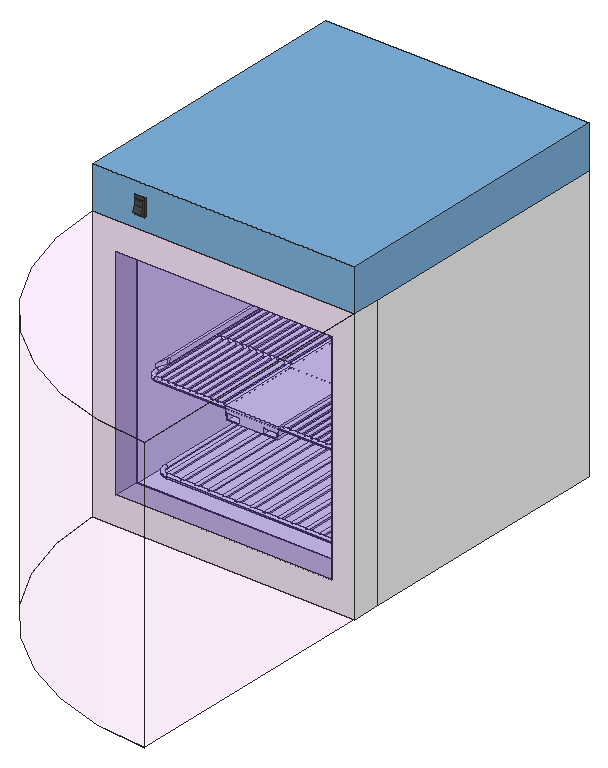
Revit family "QF_Summit_ACR22G_19_Wide_Healthcare_Regrigerator", category Specialty Equipment, Revit 2020
Family settings
  Round Connector Dimension = Use Diameter
  Part Type = Normal
  Work Plane-Based = No
  Always vertical = Yes
  Cut with Voids When Loaded = No
  Shared = No
  Room Calculation Point = No
Parameters
  Weight in Pounds = 52.9
  Watts = Volts * FL Amps  # 103.5 W
  Volts = 115 V
  URL Cutsheet = ""
  Specification by User = ""
  Specification by Manufacturer = ""
  Show Right Handed [instance] = not(Show Left Handed)  # yes
  Show Left Handed [instance] = no
  Show Clearance [instance] = yes
  Serial Number = ""
  Seismic Rating = ""
  SMACNA No = ""
  Right Door Swing [instance] = and(Show Left Handed, Show Clearance)  # no
  Revision Code = ""
  Refrigerant Type = "R600a"
  Phase = 1
  Number of Poles = 1
  NAFEM Spec ID Number = ""
  Model = "ACR22G"
  Min Ckt Ampacity = 0 A
  Max Overcurrent Protection = 0 A
  Masterspec = ""
  Manufacturer = "Summit"
  Length = 18.88"
  Left Door Swing [instance] = and(Show Right Handed, Show Clearance)  # yes
  Item Number = ""
  Installed By = ""
  Identify Quantity as Lot = yes
  Height = 23.13"
  HP = ""
  Furnished By = ""
  Foodservice Equipment Identifier = yes
  FL Amps = 0.9 A
  Electrical Remarks = ""
  Electric Connection Type = ""
  Elec Conn RI Height = 0.00"
  Elec Conn Connection Height = 0.00"
  Description = "19\" Wide Compact Healthcare Refrigerator"
  Depth = 21.00"
  Default Elevation = 0.00"
  Cycle = 60 Hz
  Conn Plug = ""
  Conn Conduit = yes
  CSI MasterFormat = ""
  Apparent Power = if(Phase = 3, Volts * FL Amps * 1.73, Volts * FL Amps)  # 103.5 VA
Reference planes (in)
  plane 1 "BACK": y = 0
  plane 2: z = 0
  plane 3 "LEFT": x = 0
  plane 4 "RIGHT": x = 18.88
  plane 5 "FRONT": y = -21
  plane 6 "TOP": z = 23.13
  plane 7 "Center Y": x = 9.44
  plane 8 "Center X": y = -10.5
Forms (in)
  Extrusion 1, solid, material "QF_Metal_Stainless_Polished"
    sketch origin (0, 0, 0) x (0, 1, 0) y (0, 0, 1)
      loop
        line (-18.9989, 20.07) -> (-18.9989, 0.39062) -> (0, 0.39062) -> (0, 20.07) -> (-18.9989, 20.07)
    from 0 to 18.88
  Extrusion 2, void
    sketch origin (2.375, -180, 25.7421) x (0, 0, -1) y (0, -1, 0)
      loop
        line (7.2421, -161.0011) -> (7.2421, -175.5011) -> (16.9921, -175.5011) -> (16.9921, -175.25)
        arc (16.9921, -175.25) -> (17.21177, -174.71967) -> (17.7421, -174.5) r 0.75
        line (17.7421, -174.5) -> (23.4921, -174.5) -> (23.4921, -161.0011) -> (7.2421, -161.0011)
    from 0.685 to -14.815
  Extrusion 3, solid, material "QF_Metal_Stainless_Polished"
    sketch origin (0, 0, 0) x (0, 1, 0) y (0, 0, 1)
      loop
        line (-21, 23.13) -> (-21, 20.07) -> (0, 20.07) -> (0, 23.13) -> (-21, 23.13)
    from 0 to 18.88
  Extrusion 4, solid, material "QF_Metal_Stainless_Polished"
    sketch origin (2.375, -4.4989, 18.63) x (0, 0, -1) y (1, 0, 0)
      loop
        line (9.63059, -0.685) -> (9.63059, 14.815) -> (0.63, 14.815)
        arc (0.63, 14.815) -> (0.27645, 14.66855) -> (0.13, 14.315) r 0.5
        line (0.13, 14.315) -> (0.13, -0.185)
        arc (0.13, -0.185) -> (0.27645, -0.53855) -> (0.63, -0.685) r 0.5
        line (0.63, -0.685) -> (9.63059, -0.685)
    from 0 to 0.60773
  Extrusion 5, void
    sketch origin (1.00661, -5.10663, 18.63) x (0, 0, 1) y (1, 0, 0)
      loop
        circle (-2.19026, 8.43339) r 1.75
      loop
        circle (-2.19026, 8.43339) r 1.56141
      loop
        circle (-2.19026, 8.43339) r 1.21417
      loop
        circle (-2.19026, 8.43339) r 0.85432
      loop
        circle (-2.19026, 8.43339) r 0.5
      loop
        circle (-2.19026, 8.43339) r 1.5
      loop
        circle (-2.19026, 8.43339) r 1.15556
      loop
        circle (-2.19026, 8.43339) r 0.79607
      loop
        circle (-2.19026, 8.43339) r 0.44803
    from 0 to 0.06031
  Extrusion 6, solid, material "QF_Metal_Stainless_Polished"
    sketch origin (1.03119, -5.10663, 18.505) x (0, 0, -1) y (1, 0, 0)
      loop
        circle (3.72678, 6.31082) r 0.25
      loop
        circle (3.72678, 10.55595) r 0.25
      loop
        circle (0.43308, 6.31082) r 0.25
      loop
        circle (0.43308, 10.55595) r 0.25
    from 0 to 0.05935
  Sweep 7, solid, material "QF_Metal_Stainless_Polished"
    path origin (23.5, 0, -1.31888) x (-1, 0, 0) y (0, 0, 1)
      loop
        line (11.93744, 19.42317) -> (13.8817, 17.89947)
        arc (13.8817, 17.89947) -> (13.94972, 17.75974) -> (13.8817, 17.62001) r 0.17753
        line (13.8817, 17.62001) -> (11.93744, 16.0963)
    profile origin (10.59043, 0, 17.34244) x (0.616836, 0, -0.787091) y (0, -1, 0)
      loop
        circle (0, 5.20118) r 0.03478
  Revolve 8, solid, material "QF_Metal_Stainless_Polished"
    sketch origin (11.56006, -174.60663, 25.4038) x (0, 0, -1) y (0, -1, 0)
      loop
        line (10.62, -169.44065) -> (10.62, -169.35519)
        arc (10.62, -169.35519) -> (10.55563, -169.38019) -> (10.52226, -169.44065) r 0.10124
        line (10.52226, -169.44065) -> (10.62, -169.44065)
      axis (10.62, -169.35519) -> (10.62, -169.44065)
    angle from 0 to 360
  Revolve 9, solid, material "QF_Metal_Stainless_Polished"
    sketch origin (7.31494, -174.60663, 25.4038) x (0, 0, -1) y (0, 1, 0)
      loop
        line (10.62, 169.44065) -> (10.52226, 169.44065)
        arc (10.52226, 169.44065) -> (10.55563, 169.38019) -> (10.62, 169.35519) r 0.10124
        line (10.62, 169.35519) -> (10.62, 169.44065)
      axis (10.62, 169.35519) -> (10.62, 169.44065)
    angle from 0 to 360
  Extrusion 10, solid, material "QF_Metal_Stainless_Polished"
    sketch origin (-1.75, -21, -0.5) x (1, 0, 0) y (0, 0, 1)
      loop
        line (4.83942, 22.77799) -> (4.83942, 21.52799) -> (5.58942, 21.52799) -> (5.58942, 22.77799) -> (4.83942, 22.77799)
    from 0 to 0.06284
  Extrusion 11, solid, material "QF_Metal_Stainless_Polished"
    sketch origin (3.46442, -180, 33.14799) x (0, 0, -1) y (0, -1, 0)
      loop
        line (11.495, -158.93716) -> (11.89901, -158.93716) -> (11.89901, -158.67814) -> (11.495, -158.86654) -> (11.09362, -158.86654) -> (11.09362, -158.93716) -> (11.495, -158.93716)
    from -0.28042 to 0.28363
  Extrusion 12, solid, material "QF_Metal_Stainless_Polished"
    sketch origin (-0.875, 0, 22.07) x (0, 0, -1) y (-1, 0, 0)
      loop
        circle (14.04703, -17.5214) r 0.25
    from 0 to 0.04728
  Revolve 13, solid, material "QF_Plastic_White_Smooth"
    sketch origin (1.625, -180, 0) x (0, 0, -1) y (0, 1, 0)
      loop
        line (-0.39062, 162.39991) -> (0, 162.39991) -> (0, 162.57412)
        arc (0, 162.57412) -> (-0.0325, 162.65258) -> (-0.11096, 162.68508) r 0.11096
        line (-0.11096, 162.68508) -> (-0.17969, 162.68508) -> (-0.17969, 162.72022) -> (-0.39062, 162.72022) -> (-0.39062, 162.39991)
      axis (-0.39062, 162.39991) -> (0, 162.39991)
    angle from 0 to 360
  Revolve 14, solid, material "QF_Plastic_White_Smooth"
    sketch origin (1.625, 160.375, 0) x (0, 0, -1) y (0, 1, 0)
      loop
        line (-0.39062, -161.64991) -> (-0.39062, -161.97022) -> (-0.17969, -161.97022) -> (-0.17969, -161.93508) -> (-0.11096, -161.93508)
        arc (-0.11096, -161.93508) -> (-0.0325, -161.90258) -> (0, -161.82412) r 0.11096
        line (0, -161.82412) -> (0, -161.64991) -> (-0.39062, -161.64991)
      axis (-0.39062, -161.64991) -> (0, -161.64991)
    angle from 0 to 360
  Extrusion 15, solid, material "QF_Metal_Stainless_Polished"
    sketch origin (-0.685, -180, 8.75) x (-1, 0, 0) y (0, -1, 0)
      loop
        line (-2.375, -174.6261) -> (-2.375, -162.5011) -> (-2.60425, -163.35669)
        arc (-2.60425, -163.35669) -> (-2.62474, -163.4597) -> (-2.63161, -163.5645) r 0.80295
        line (-2.63161, -163.5645) -> (-2.63161, -173.49184)
        arc (-2.63161, -173.49184) -> (-2.62014, -173.66689) -> (-2.58592, -173.83894) r 1.34109
        line (-2.58592, -173.83894) -> (-2.375, -174.6261)
    from 0 to -0.3125
  Revolve 16, solid, material "QF_Plastic_White_Smooth"
    sketch origin (17.255, -180, 0) x (0, 0, -1) y (0, -1, 0)
      loop
        line (-0.39062, -162.39991) -> (-0.39062, -162.72022) -> (-0.17969, -162.72022) -> (-0.17969, -162.68508) -> (-0.11096, -162.68508)
        arc (-0.11096, -162.68508) -> (-0.0325, -162.65258) -> (0, -162.57412) r 0.11096
        line (0, -162.57412) -> (0, -162.39991) -> (-0.39062, -162.39991)
      axis (-0.39062, -162.39991) -> (0, -162.39991)
    angle from 0 to 360
  Revolve 17, solid, material "QF_Plastic_White_Smooth"
    sketch origin (17.255, 160.375, 0) x (0, 0, -1) y (0, -1, 0)
      loop
        line (-0.39062, 161.64991) -> (0, 161.64991) -> (0, 161.82412)
        arc (0, 161.82412) -> (-0.0325, 161.90258) -> (-0.11096, 161.93508) r 0.11096
        line (-0.11096, 161.93508) -> (-0.17969, 161.93508) -> (-0.17969, 161.97022) -> (-0.39062, 161.97022) -> (-0.39062, 161.64991)
      axis (-0.39062, 161.64991) -> (0, 161.64991)
    angle from 0 to 360
  Sweep 18, solid, material "QF_Metal_Stainless_Polished"
    path origin (-4.62, 0, -1.31888) x (1, 0, 0) y (0, 0, 1)
      loop
        line (11.93744, 19.42317) -> (13.8817, 17.89947)
        arc (13.8817, 17.89947) -> (13.94972, 17.75974) -> (13.8817, 17.62001) r 0.17753
        line (13.8817, 17.62001) -> (11.93744, 16.0963)
    profile origin (8.28957, 0, 17.34244) x (0.616836, 0, 0.787091) y (0, -1, 0)
      loop
        circle (0, 5.20065) r 0.03478
  Extrusion 19, solid, material "QF_Metal_Stainless_Polished"
    sketch origin (-0.685, -180, 8.99941) x (0, 1, 0) y (1, 0, 0)
      loop
        line (174.6261, 2.375) -> (173.83894, 2.58592)
        arc (173.83894, 2.58592) -> (173.66689, 2.62014) -> (173.49184, 2.63161) r 1.34109
        line (173.49184, 2.63161) -> (163.5645, 2.63161)
        arc (163.5645, 2.63161) -> (163.4597, 2.62474) -> (163.35669, 2.60425) r 0.80295
        line (163.35669, 2.60425) -> (162.5011, 2.375) -> (174.6261, 2.375)
    from 0 to -0.3125
  Revolve 20, solid, material "QF_Metal_Stainless_Polished"
    sketch origin (11.56006, -174.60663, 7.47567) x (0, 0, 1) y (0, 1, 0)
      loop
        line (10.62, 169.44065) -> (10.52226, 169.44065)
        arc (10.52226, 169.44065) -> (10.55563, 169.38019) -> (10.62, 169.35519) r 0.10124
        line (10.62, 169.35519) -> (10.62, 169.44065)
      axis (10.62, 169.35519) -> (10.62, 169.44065)
    angle from 0 to 360
  Revolve 21, solid, material "QF_Metal_Stainless_Polished"
    sketch origin (7.31494, -174.60663, 7.47567) x (0, 0, 1) y (0, -1, 0)
      loop
        line (10.62, -169.44065) -> (10.62, -169.35519)
        arc (10.62, -169.35519) -> (10.55563, -169.38019) -> (10.52226, -169.44065) r 0.10124
        line (10.52226, -169.44065) -> (10.62, -169.44065)
      axis (10.62, -169.35519) -> (10.62, -169.44065)
    angle from 0 to 360
  Extrusion 22, solid, material "QF_Metal_Stainless_Polished"
    sketch origin (19.565, -180, 8.75) x (1, 0, 0) y (0, 1, 0)
      loop
        line (-2.375, 174.6261) -> (-2.58592, 173.83894)
        arc (-2.58592, 173.83894) -> (-2.62014, 173.66689) -> (-2.63161, 173.49184) r 1.34109
        line (-2.63161, 173.49184) -> (-2.63161, 163.5645)
        arc (-2.63161, 163.5645) -> (-2.62474, 163.4597) -> (-2.60425, 163.35669) r 0.80295
        line (-2.60425, 163.35669) -> (-2.375, 162.5011) -> (-2.375, 174.6261)
    from 0 to -0.3125
  Extrusion 23, solid, material "QF_Metal_Stainless_Polished"
    sketch origin (19.565, -180, 8.99941) x (0, -1, 0) y (-1, 0, 0)
      loop
        line (-174.6261, 2.375) -> (-162.5011, 2.375) -> (-163.35669, 2.60425)
        arc (-163.35669, 2.60425) -> (-163.4597, 2.62474) -> (-163.5645, 2.63161) r 0.80295
        line (-163.5645, 2.63161) -> (-173.49184, 2.63161)
        arc (-173.49184, 2.63161) -> (-173.66689, 2.62014) -> (-173.83894, 2.58592) r 1.34109
        line (-173.83894, 2.58592) -> (-174.6261, 2.375)
    from 0 to -0.3125
  Extrusion 24, void
    sketch origin (2.375, -5.10663, 18.63) x (0, 0, 1) y (1, 0, 0)
      loop
        circle (-5.63, 0.625) r 0.25
      loop
        circle (-5.63, 1.875) r 0.25
      loop
        circle (-5.63, 3.125) r 0.25
      loop
        circle (-5.63, 4.375) r 0.25
      loop
        circle (-5.63, 13.505) r 0.25
      loop
        circle (-5.63, 12.255) r 0.25
      loop
        circle (-5.63, 11.005) r 0.25
      loop
        circle (-5.63, 9.755) r 0.25
    from 0 to 0.06031
  Extrusion 25, solid, material "QF_Metal_Stainless_Polished"
    sketch origin (1.69, -180, 25.7421) x (0, 0, 1) y (0, -1, 0)
      loop
        line (-16.74269, -175.5011) -> (-16.74269, -173.89646) -> (-16.9921, -173.89646) -> (-16.9921, -175.5011) -> (-16.74269, -175.5011)
    from 0 to 15.5
Cuts and joins
  Extrusion 2, Extrusion 5, Extrusion 24 cuts Extrusion 1
  Extrusion 24 cuts Extrusion 15
  joined: Extrusion 1, Extrusion 15
  Extrusion 5, Extrusion 24 cuts Extrusion 4
  joined: Extrusion 6, Sweep 7, Revolve 8, Revolve 9
Lines and regions (in)
  Split face 1
    outline origin (2.31, -21, 20.57) x (0, 0, 1) y (-1, 0, 0)
      loop
        circle (0.9766, -7.13) r 0.5
  Split face 2
    outline origin (2.31, -21, 20.57) x (0, 0, 1) y (-1, 0, 0)
      loop
        circle (0.9766, -7.13) r 0.25
  Split face 3
    outline origin (0, -21, 20.07) x (0, 0, 1) y (-1, 0, 0)
      loop
        line (2.10399, -11.23542) -> (0.85399, -11.23542) -> (0.85399, -14.48542) -> (2.10399, -14.48542) -> (2.10399, -11.23542)
  Split face 4
    outline origin (0, -21, 20.07) x (0, 0, 1) y (-1, 0, 0)
      loop
        line (2.60301, -14.95537) -> (0.35301, -14.95537) -> (0.35301, -18.45537) -> (2.60301, -18.45537) -> (2.60301, -14.95537)
  Split face 5
    outline origin (0, -21, 20.07) x (0, 0, 1) y (-1, 0, 0)
      loop
        line (2.33838, -15.41838) -> (0.58838, -15.41838) -> (0.58838, -18.01344) -> (2.33838, -18.01344) -> (2.33838, -15.41838)
  symbolic lines
    curve 1: line (0, 0, 0) -> (0, -21, 0)
    curve 2: line (0, -21, 0) -> (18.88, -21, 0)
    curve 3: line (18.88, -21, 0) -> (18.88, 0, 0)
    curve 4: line (18.88, 0, 0) -> (0, 0, 0)
    curve 5: line (16.8964, 0.04728, 0) -> (16.8964, 0, 0)
    curve 6: line (16.8964, 0.04728, 0) -> (16.3964, 0.04728, 0)
    curve 7: line (16.3964, 0.04728, 0) -> (16.3964, 0, 0)
    curve 8: line (3.08942, -21.06284, 0) -> (3.83942, -21.06284, 0)
    curve 9: line (3.83942, -21.06284, 0) -> (3.83942, -21, 0)
    curve 10: line (3.08942, -21.06284, 0) -> (3.08942, -21, 0)
    curve 11: line (3.18079, -21.32186, 0) -> (3.74483, -21.32186, 0)
    curve 12: line (3.74483, -21.32186, 0) -> (3.74483, -21.06284, 0)
    curve 13: line (3.18079, -21.32186, 0) -> (3.18079, -21.06284, 0)
    curve 14: line (3.18079, -21.13346, 0) -> (3.74483, -21.13346, 0)
Dimensions and locks (in)
  equal spacing: plane 3 "LEFT", plane 7 "Center Y", plane 4 "RIGHT"
  "Length": plane 3 "LEFT" to plane 4 "RIGHT"
  equal spacing: plane 5 "FRONT", plane 8 "Center X", plane 1 "BACK"
  "Depth": plane 5 "FRONT" to plane 1 "BACK"
  "Height": plane 6 "TOP" to level
  aligned and locked: level to plane 2
Automatic sketch dimensions
  curve 1 to plane 3 "LEFT" = 0.00"
  plane 5 "FRONT" to curve 10 = 0.00"
  plane 1 "BACK" to curve 7 = 0.00"
  curve 3 to plane 4 "RIGHT" = 0.00"
  plane 5 "FRONT" to curve 8 = 0.06284"
  curve 8 to plane 7 "Center Y" = 6.35058"
  curve 8 to curve 13 = 0.09137"
  curve 11 to curve 12 = 0.56404"
  curve 12 to curve 8 = 0.09458"
  curve 6 to plane 1 "BACK" = 0.04728"
  plane 4 "RIGHT" to curve 6 = 2.4836"
  curve 6 to curve 6 = 0.50"
  curve 12 to curve 12 = 0.25902"
  curve 14 to curve 12 = 0.07062"
  Extrusion 1 sketch curve to plane 1 "BACK" = 0.00"
  Extrusion 1 sketch curve to plane 5 "FRONT" = 2.0011"
  level to Extrusion 1 sketch curve = 0.39062"
  Extrusion 1 sketch curve to plane 6 "TOP" = 3.06"
  Extrusion 2 sketch curve to plane 6 "TOP" = 4.63"
  level to Extrusion 2 sketch curve = 8.75"
  Extrusion 2 sketch curve to Extrusion 2 sketch curve = 0.75"
  level to Extrusion 2 sketch curve = 2.25"
  plane 1 "BACK" to Extrusion 2 sketch curve = 4.4989"
  Extrusion 2 sketch curve to Extrusion 2 sketch curve = 0.2511"
  Extrusion 2 sketch curve to plane 5 "FRONT" = 2.0011"
  Extrusion 3 sketch curve to plane 5 "FRONT" = 0.00"
  Extrusion 3 sketch curve to plane 1 "BACK" = 0.00"
  Extrusion 3 sketch curve to plane 6 "TOP" = 0.00"
  Extrusion 3 sketch curve to plane 6 "TOP" = 3.06"
  Extrusion 4 sketch curve to Extrusion 2 = 0.00"  (x2)
  Extrusion 2 to Extrusion 4 sketch curve = 0.00"
  Extrusion 2 to Extrusion 4 sketch curve = 0.50"  (x2)
  Extrusion 4 sketch curve to Extrusion 2 = 0.24941"
  Extrusion 5 sketch curve to Extrusion 5 sketch curve = 0.00"  (x72)
  Extrusion 4 to Extrusion 5 sketch curve = 2.06026"
  Extrusion 4 to Extrusion 5 sketch curve = 7.75"
  Extrusion 6 sketch curve to Extrusion 4 = 0.42808"  (x2)
  Extrusion 6 sketch curve to Extrusion 6 sketch curve = 3.2937"  (x2)
  Extrusion 6 sketch curve to Extrusion 4 = 5.65201"
  Extrusion 6 sketch curve to Extrusion 6 sketch curve = 0.00"  (x2)
  Extrusion 6 sketch curve to Extrusion 6 sketch curve = 4.24513"
  Sweep 7 sketch curve to plane 7 "Center Y" = 0.28781"
  Sweep 7 sketch curve to Sweep 7 sketch curve = 0.10951"  (x2)
  plane 6 "TOP" to Sweep 7 sketch curve = 6.82887"
  Sweep 7 sketch curve to Sweep 7 sketch curve = 0.13973"
  Sweep 7 sketch curve to plane 7 "Center Y" = 2.12256"  (x2)
  Sweep 7 sketch curve to Sweep 7 sketch curve = 1.5237"  (x2)
  Sweep 7 sketch curve to profile plane = 0.00"
  plane 1 "BACK" to Sweep 7 sketch curve = 5.20118"
  Revolve 8 sketch curve to plane 6 "TOP" = 8.24845"
  Revolve 8 sketch curve to Revolve 8 sketch curve = 0.09774"
  Revolve 8 sketch curve to Revolve 8 sketch curve = 0.00227"
  plane 1 "BACK" to Revolve 8 sketch curve = 5.15022"
  Revolve 8 sketch curve to Revolve 8 sketch curve = 0.01576"
  Revolve 8 sketch curve to Revolve 8 sketch curve = 0.00"
  Revolve 8 sketch curve to Revolve 8 sketch curve = 0.02745"
  Revolve 8 sketch curve to Revolve 8 sketch curve = 0.02171"
  Revolve 9 sketch curve to plane 6 "TOP" = 8.24845"
  Revolve 9 sketch curve to Revolve 9 sketch curve = 0.09774"
  Revolve 9 sketch curve to Revolve 9 sketch curve = 0.00227"
  plane 8 "Center X" to Revolve 9 sketch curve = 5.24856"
  Revolve 9 sketch curve to Revolve 9 sketch curve = 0.08546"
  Revolve 9 sketch curve to Revolve 9 sketch curve = 0.00"
  Revolve 9 sketch curve to Revolve 9 sketch curve = 0.02171"
  Revolve 9 sketch curve to Revolve 9 sketch curve = 0.02745"
  Split face 1 sketch curve to Extrusion 3 = 1.4766"
  Split face 1 sketch curve to Extrusion 3 = 9.44"
  plane 3 "LEFT" to Extrusion 10 sketch curve = 3.08942"
  Extrusion 10 sketch curve to Extrusion 10 sketch curve = 0.75"
  Extrusion 10 sketch curve to plane 6 "TOP" = 2.10201"
  Extrusion 10 sketch curve to plane 6 "TOP" = 0.85201"
  plane 5 "FRONT" to Extrusion 11 sketch curve = 0.13346"
  Extrusion 11 sketch curve to plane 6 "TOP" = 1.07563"
  plane 5 "FRONT" to Extrusion 11 sketch curve = 0.06284"
  Extrusion 11 sketch curve to Extrusion 11 sketch curve = 0.40138"
  Extrusion 11 sketch curve to Extrusion 11 sketch curve = 0.00"
  Extrusion 11 sketch curve to Extrusion 11 sketch curve = 0.40401"
  Extrusion 11 sketch curve to Extrusion 11 sketch curve = 0.25902"
  Split face 2 sketch curve to Extrusion 3 = 1.4766"
  Split face 2 sketch curve to Extrusion 3 = 9.44"
  Extrusion 1 to Extrusion 12 sketch curve = 2.2336"
  Extrusion 1 to Extrusion 12 sketch curve = 7.63234"
  Revolve 13 sketch curve to level = 0.00"
  level to Revolve 13 sketch curve = 0.11096"
  Revolve 13 sketch curve to Revolve 13 sketch curve = 0.06873"
  Revolve 13 sketch curve to Revolve 13 sketch curve = 0.27966"
  Revolve 13 sketch curve to plane 5 "FRONT" = 3.39991"
  Revolve 13 sketch curve to Revolve 13 sketch curve = 0.17422"
  Revolve 13 sketch curve to Revolve 13 sketch curve = 0.03514"
  Revolve 13 sketch curve to Revolve 13 sketch curve = 0.14062"
  Revolve 13 sketch curve to Revolve 13 sketch curve = 0.10938"
  Revolve 13 sketch curve to Revolve 13 sketch curve = 0.00"
  Revolve 14 sketch curve to level = 0.00"
  Revolve 14 sketch curve to Revolve 14 sketch curve = 0.11096"
  Revolve 14 sketch curve to Revolve 14 sketch curve = 0.06873"
  Revolve 14 sketch curve to Revolve 14 sketch curve = 0.27966"
  plane 1 "BACK" to Revolve 14 sketch curve = 1.59522"
  Revolve 14 sketch curve to Revolve 14 sketch curve = 0.03514"
  Revolve 14 sketch curve to Revolve 14 sketch curve = 0.17422"
  Revolve 14 sketch curve to Revolve 14 sketch curve = 0.14062"
  Revolve 14 sketch curve to Revolve 14 sketch curve = 0.10938"
  Revolve 14 sketch curve to Revolve 14 sketch curve = 0.00"
  plane 3 "LEFT" to Extrusion 15 sketch curve = 1.94661"
  Extrusion 15 sketch curve to Extrusion 15 sketch curve = 0.02736"
  Extrusion 15 sketch curve to Extrusion 15 sketch curve = 0.0457"
  Extrusion 15 sketch curve to Extrusion 15 sketch curve = 0.21092"
  Extrusion 15 sketch curve to Extrusion 15 sketch curve = 0.77559"
  plane 3 "LEFT" to Extrusion 15 sketch curve = 0.60553"
  plane 8 "Center X" to Extrusion 15 sketch curve = 5.1261"
  Extrusion 15 sketch curve to Extrusion 15 sketch curve = 0.78716"
  Extrusion 15 sketch curve to plane 5 "FRONT" = 4.5645"
  Extrusion 15 sketch curve to Extrusion 15 sketch curve = 0.85559"
  Revolve 16 sketch curve to level = 0.00"
  level to Revolve 16 sketch curve = 0.11096"
  Revolve 16 sketch curve to Revolve 16 sketch curve = 0.06873"
  Revolve 16 sketch curve to Revolve 16 sketch curve = 0.27966"
  Revolve 16 sketch curve to plane 5 "FRONT" = 3.72022"
  Revolve 16 sketch curve to Revolve 16 sketch curve = 0.03514"
  Revolve 16 sketch curve to Revolve 16 sketch curve = 0.17422"
  Revolve 16 sketch curve to Revolve 16 sketch curve = 0.14062"
  Revolve 16 sketch curve to Revolve 16 sketch curve = 0.10938"
  Revolve 16 sketch curve to Revolve 16 sketch curve = 0.00"
  Revolve 17 sketch curve to level = 0.00"
  Revolve 17 sketch curve to Revolve 17 sketch curve = 0.11096"
  Revolve 17 sketch curve to Revolve 17 sketch curve = 0.06873"
  Revolve 17 sketch curve to Revolve 17 sketch curve = 0.27966"
  plane 1 "BACK" to Revolve 17 sketch curve = 1.27491"
  Revolve 17 sketch curve to Revolve 17 sketch curve = 0.17422"
  Revolve 17 sketch curve to Revolve 17 sketch curve = 0.03514"
  Revolve 17 sketch curve to Revolve 17 sketch curve = 0.14062"
  Revolve 17 sketch curve to Revolve 17 sketch curve = 0.10938"
  Revolve 17 sketch curve to Revolve 17 sketch curve = 0.00"
  Sweep 18 sketch curve to plane 7 "Center Y" = 0.28781"
  Sweep 18 sketch curve to Sweep 18 sketch curve = 0.10951"  (x2)
  Sweep 18 sketch curve to plane 6 "TOP" = 6.82887"
  Sweep 18 sketch curve to Sweep 18 sketch curve = 0.13973"
  Sweep 18 sketch curve to plane 7 "Center Y" = 2.12256"  (x2)
  Sweep 18 sketch curve to Sweep 18 sketch curve = 1.5237"  (x2)
  Sweep 18 sketch curve to profile plane = 0.00"
  plane 1 "BACK" to Sweep 18 sketch curve = 5.20065"
  Split face 3 sketch curve to Extrusion 3 = 0.85399"
  Split face 3 sketch curve to Extrusion 3 = 0.95601"
  Split face 3 sketch curve to Extrusion 3 = 4.39458"
  Split face 3 sketch curve to Split face 3 sketch curve = 3.25"
  Split face 4 sketch curve to Extrusion 3 = 0.35301"
  Split face 4 sketch curve to Extrusion 3 = 0.45699"
  Split face 4 sketch curve to Extrusion 3 = 0.42463"
  Split face 4 sketch curve to Split face 4 sketch curve = 3.50"
  Split face 5 sketch curve to Extrusion 3 = 0.58838"
  Split face 5 sketch curve to Extrusion 3 = 0.72162"
  Split face 5 sketch curve to Extrusion 3 = 0.86656"
  Split face 5 sketch curve to Split face 5 sketch curve = 2.59507"
  plane 3 "LEFT" to Extrusion 19 sketch curve = 1.69"
  Extrusion 19 sketch curve to plane 5 "FRONT" = 3.5011"
  plane 3 "LEFT" to Extrusion 19 sketch curve = 1.91925"
  Extrusion 19 sketch curve to Extrusion 19 sketch curve = 0.85559"
  Extrusion 19 sketch curve to Extrusion 19 sketch curve = 0.20782"
  plane 8 "Center X" to Extrusion 19 sketch curve = 3.99184"
  plane 3 "LEFT" to Extrusion 19 sketch curve = 1.90092"
  Extrusion 19 sketch curve to Extrusion 19 sketch curve = 0.3471"
  Extrusion 19 sketch curve to Extrusion 19 sketch curve = 0.78716"
  Extrusion 19 sketch curve to Extrusion 19 sketch curve = 0.02736"
  Revolve 20 sketch curve to plane 6 "TOP" = 5.13207"
  Revolve 20 sketch curve to Revolve 20 sketch curve = 0.09774"
  Revolve 20 sketch curve to Revolve 20 sketch curve = 0.00227"
  plane 8 "Center X" to Revolve 20 sketch curve = 5.24856"
  Revolve 20 sketch curve to Revolve 20 sketch curve = 0.08546"
  Revolve 20 sketch curve to Revolve 20 sketch curve = 0.00"
  Revolve 20 sketch curve to Revolve 20 sketch curve = 0.02171"
  Revolve 20 sketch curve to Revolve 20 sketch curve = 0.02745"
  Revolve 21 sketch curve to plane 6 "TOP" = 5.13207"
  Revolve 21 sketch curve to Revolve 21 sketch curve = 0.09774"
  Revolve 21 sketch curve to Revolve 21 sketch curve = 0.00227"
  plane 1 "BACK" to Revolve 21 sketch curve = 5.15022"
  Revolve 21 sketch curve to Revolve 21 sketch curve = 0.01576"
  Revolve 21 sketch curve to Revolve 21 sketch curve = 0.00"
  Revolve 21 sketch curve to Revolve 21 sketch curve = 0.02745"
  Revolve 21 sketch curve to Revolve 21 sketch curve = 0.02171"
  plane 4 "RIGHT" to Extrusion 22 sketch curve = 1.94661"
  Extrusion 22 sketch curve to Extrusion 22 sketch curve = 0.02736"
  Extrusion 22 sketch curve to Extrusion 22 sketch curve = 0.0457"
  Extrusion 22 sketch curve to Extrusion 22 sketch curve = 0.21092"
  Extrusion 22 sketch curve to Extrusion 22 sketch curve = 0.77559"
  plane 4 "RIGHT" to Extrusion 22 sketch curve = 0.60553"
  Extrusion 22 sketch curve to plane 5 "FRONT" = 3.5011"
  Extrusion 22 sketch curve to Extrusion 22 sketch curve = 0.85559"
  plane 8 "Center X" to Extrusion 22 sketch curve = 3.99184"
  Extrusion 22 sketch curve to Extrusion 22 sketch curve = 0.78716"
  plane 4 "RIGHT" to Extrusion 23 sketch curve = 1.69"
  plane 8 "Center X" to Extrusion 23 sketch curve = 5.1261"
  plane 4 "RIGHT" to Extrusion 23 sketch curve = 1.90092"
  Extrusion 23 sketch curve to Extrusion 23 sketch curve = 0.78716"
  Extrusion 23 sketch curve to Extrusion 23 sketch curve = 0.3471"
  plane 4 "RIGHT" to Extrusion 23 sketch curve = 1.14367"
  Extrusion 23 sketch curve to plane 5 "FRONT" = 4.5645"
  plane 4 "RIGHT" to Extrusion 23 sketch curve = 1.91925"
  Extrusion 23 sketch curve to Extrusion 23 sketch curve = 0.20782"
  Extrusion 23 sketch curve to Extrusion 23 sketch curve = 0.85559"
  Extrusion 24 sketch curve to Extrusion 4 = 4.00059"  (x2)
  Extrusion 24 sketch curve to Extrusion 24 sketch curve = 0.00"  (x6)
  Extrusion 24 sketch curve to Extrusion 4 = 1.31"
  Extrusion 24 sketch curve to Extrusion 24 sketch curve = 1.25"  (x6)
  Extrusion 24 sketch curve to Extrusion 4 = 5.06"
  Extrusion 25 sketch curve to Extrusion 2 = 0.00"  (x2)
  Extrusion 2 to Extrusion 25 sketch curve = 0.24941"
  Extrusion 2 to Extrusion 25 sketch curve = 0.60354"
  radius of Extrusion 5 sketch curve = 1.75"
  radius of Extrusion 5 sketch curve = 1.56141"
  radius of Extrusion 5 sketch curve = 1.21417"
  radius of Extrusion 5 sketch curve = 0.85432"
  radius of Extrusion 5 sketch curve = 0.50"
  radius of Extrusion 5 sketch curve = 1.50"
  radius of Extrusion 5 sketch curve = 1.15556"
  radius of Extrusion 5 sketch curve = 0.79607"
  radius of Extrusion 5 sketch curve = 0.44803"
  radius of Extrusion 6 sketch curve = 0.25"  (x4)
  radius of Sweep 7 sketch curve = 0.03478"
  radius of Split face 1 sketch curve = 0.50"
  radius of Split face 2 sketch curve = 0.25"
  radius of Extrusion 12 sketch curve = 0.25"
  radius of Sweep 18 sketch curve = 0.03478"
  radius of Extrusion 24 sketch curve = 0.25"  (x8)
Nested families (in)
  nested 1: "Family3" at (1.55953, 3.375, 2.375), type "Family3"
  nested 2: "Family5" at (1.69, -6.375, 8.875), type "Family5"
  nested 3: "LRHD" at (0, -19, 0.39), Show Clearance <- "Show Clearance", Show Left Handed <- "Show Left Handed", Show Right Handed <- "Show Right Handed", type "LRHD"
    with Show Right Handed yes, Show Left Handed no, Show Clearance yes
Connectors (in)
  electrical at (16.6464, 0.04728, 8.02297), driven by "Volts", driven by "Watts"
    settings: on Extrusion 12, index 1, voltage 115 V, apparent load 103.5 VA, apparent load phase1 0 VA, apparent load phase2 0 VA, apparent load phase3 0 VA, power factor 1, load classification "Other", number of poles 1, system type 30, power factor state 1, is connector primary yes, connector utility no, sub classification motor no, connector description "Electrical Connection"
Definition of nested family "Family3"
  Parameters (values of type "Family3")
    Weight in Pounds = 0
    URL Cutsheet = ""
    Specification by User = ""
    Specification by Manufacturer = ""
    Serial Number = ""
    Seismic Rating = ""
    SMACNA No = ""
    Revision Code = ""
    NAFEM Spec ID Number = ""
    Masterspec = ""
    Length = 18.75"
    Item Number = ""
    Installed By = ""
    Identify Quantity as Lot = yes
    Height = 4.50"
    Furnished By = ""
    Foodservice Equipment Identifier = yes
    Depth = 48.00"
    Default Elevation = 0.00"
    CSI MasterFormat = ""
  Reference planes (in)
    plane 1 "BACK": y = 0
    plane 2: z = 0
    plane 3 "LEFT": x = 0
    plane 4 "RIGHT": x = 18.75
    plane 5 "FRONT": y = -48
    plane 6 "TOP": z = 4.5
    plane 7 "Center Y": x = 9.375
    plane 8 "Center X": y = -24
  Dimensions and locks (in)
    equal spacing: plane 3 "LEFT", plane 7 "Center Y", plane 4 "RIGHT"
    "Length": plane 3 "LEFT" to plane 4 "RIGHT"
    equal spacing: plane 5 "FRONT", plane 8 "Center X", plane 1 "BACK"
    "Depth": plane 5 "FRONT" to plane 1 "BACK"
    "Height": plane 6 "TOP" to level
    aligned and locked: level to plane 2
  Nested families (in)
    nested 1: "Tray" at (0, -9, 0), type "Tray"
  Definition of nested family "Tray"
    Parameters (values of type "Tray")
      Weight in Pounds = 0
      URL Cutsheet = ""
      Specification by User = ""
      Specification by Manufacturer = ""
      Serial Number = ""
      Seismic Rating = ""
      SMACNA No = ""
      Revision Code = ""
      NAFEM Spec ID Number = ""
      Masterspec = ""
      Length = 15.50"
      Item Number = ""
      Installed By = ""
      Identify Quantity as Lot = yes
      Height = 4.50"
      Furnished By = ""
      Foodservice Equipment Identifier = yes
      Depth = 11.88"
      Default Elevation = 0.00"
      CSI MasterFormat = ""
    Reference planes (in)
      plane 1 "BACK": y = 0
      plane 2: z = 0
      plane 3 "LEFT": x = 0
      plane 4 "RIGHT": x = 15.5
      plane 5 "FRONT": y = -11.88
      plane 6 "TOP": z = 4.5
      plane 7 "Center Y": x = 7.75
      plane 8 "Center X": y = -5.94
    Forms (in)
      Sweep 1, solid
        path origin (0, 0, 0) x (1, 0, 0) y (0, 1, 0)
          loop
            arc (1.0628, -0.75) -> (0.53247, -0.96967) -> (0.3128, -1.5) r 0.75
            line (0.3128, -1.5) -> (0.3128, -11.12843)
            arc (0.3128, -11.12843) -> (0.53247, -11.65876) -> (1.0628, -11.87843) r 0.75
            line (1.0628, -11.87843) -> (14.6878, -11.87843)
            arc (14.6878, -11.87843) -> (15.21813, -11.65876) -> (15.4378, -11.12843) r 0.75
            line (15.4378, -11.12843) -> (15.4378, -1.5)
            arc (15.4378, -1.5) -> (15.21813, -0.96967) -> (14.6878, -0.75) r 0.75
            line (14.6878, -0.75) -> (1.0628, -0.75)
        profile origin (7.8753, -0.75, 0) x (0, 1, 0) y (0, 0, 1)
          loop
            circle (0, 0) r 0.125
      Sweep 2, solid
        path origin (0, 0, 0.5625) x (1, 0, 0) y (0, 0, -1)
          loop
            arc (1.0628, 0) -> (0.53247, -0.21967) -> (0.3128, -0.75) r 0.75
            line (0.3128, -0.75) -> (0.3128, -1.875)
            arc (0.3128, -1.875) -> (0.53247, -2.40533) -> (1.0628, -2.625) r 0.75
            line (1.0628, -2.625) -> (14.6878, -2.625)
            arc (14.6878, -2.625) -> (15.21813, -2.40533) -> (15.4378, -1.875) r 0.75
            line (15.4378, -1.875) -> (15.4378, -0.75)
            arc (15.4378, -0.75) -> (15.21813, -0.21967) -> (14.6878, 0) r 0.75
            line (14.6878, 0) -> (1.0628, 0)
        profile origin (7.8753, 0, 0.5625) x (0, 0, -1) y (0, 1, 0)
          loop
            circle (0, 0) r 0.125
      Sweep 3, solid
        path origin (3.625, 5.53198, 48) x (0, 1, 0) y (0, 0, -1)
          loop
            line (-5.53198, 44.80817) -> (-5.53198, 47.5)
            arc (-5.53198, 47.5) -> (-5.67842, 47.85355) -> (-6.03198, 48) r 0.5
            line (-6.03198, 48) -> (-17.41198, 48)
        profile origin (3.625, 0, 1.84592) x (-1, 0, 0) y (0, -1, 0)
          loop
            circle (-9.375, 0) r 0.125
      Sweep 4, solid
        path origin (2.625, 5.53198, 48) x (0, 1, 0) y (0, 0, -1)
          loop
            line (-5.53198, 44.80817) -> (-5.53198, 47.5)
            arc (-5.53198, 47.5) -> (-5.67842, 47.85355) -> (-6.03198, 48) r 0.5
            line (-6.03198, 48) -> (-17.41198, 48)
        profile origin (2.625, 0, 1.84592) x (-1, 0, 0) y (0, -1, 0)
          loop
            circle (-9.375, 0) r 0.125
      Sweep 5, solid
        path origin (1.625, 5.53198, 48) x (0, 1, 0) y (0, 0, -1)
          loop
            line (-5.53198, 44.80817) -> (-5.53198, 47.5)
            arc (-5.53198, 47.5) -> (-5.67842, 47.85355) -> (-6.03198, 48) r 0.5
            line (-6.03198, 48) -> (-17.41198, 48)
        profile origin (1.625, 0, 1.84592) x (-1, 0, 0) y (0, -1, 0)
          loop
            circle (-9.375, 0) r 0.125
      Sweep 6, solid
        path origin (0.625, 5.53198, 48) x (0, 1, 0) y (0, 0, -1)
          loop
            line (-5.53198, 44.80817) -> (-5.53198, 47.5)
            arc (-5.53198, 47.5) -> (-5.67842, 47.85355) -> (-6.03198, 48) r 0.5
            line (-6.03198, 48) -> (-17.41198, 48)
        profile origin (0.625, 0, 1.84592) x (-1, 0, 0) y (0, -1, 0)
          loop
            circle (-9.375, 0) r 0.125
      Sweep 7, solid
        path origin (-0.375, 5.53198, 48) x (0, 1, 0) y (0, 0, -1)
          loop
            line (-5.53198, 44.80817) -> (-5.53198, 47.5)
            arc (-5.53198, 47.5) -> (-5.67842, 47.85355) -> (-6.03198, 48) r 0.5
            line (-6.03198, 48) -> (-17.41198, 48)
        profile origin (-0.375, 0, 1.84592) x (-1, 0, 0) y (0, -1, 0)
          loop
            circle (-9.375, 0) r 0.125
      Sweep 8, solid
        path origin (-1.375, 5.53198, 48) x (0, 1, 0) y (0, 0, -1)
          loop
            line (-5.53198, 44.80817) -> (-5.53198, 47.5)
            arc (-5.53198, 47.5) -> (-5.67842, 47.85355) -> (-6.03198, 48) r 0.5
            line (-6.03198, 48) -> (-17.41198, 48)
        profile origin (-1.375, 0, 1.84592) x (-1, 0, 0) y (0, -1, 0)
          loop
            circle (-9.375, 0) r 0.125
      Sweep 9, solid
        path origin (-2.375, 5.53198, 48) x (0, 1, 0) y (0, 0, -1)
          loop
            line (-5.53198, 44.80817) -> (-5.53198, 47.5)
            arc (-5.53198, 47.5) -> (-5.67842, 47.85355) -> (-6.03198, 48) r 0.5
            line (-6.03198, 48) -> (-17.41198, 48)
        profile origin (-2.375, 0, 1.84592) x (-1, 0, 0) y (0, -1, 0)
          loop
            circle (-9.375, 0) r 0.125
      Sweep 10, solid
        path origin (-3.375, 5.53198, 48) x (0, 1, 0) y (0, 0, -1)
          loop
            line (-5.53198, 44.80817) -> (-5.53198, 47.5)
            arc (-5.53198, 47.5) -> (-5.67842, 47.85355) -> (-6.03198, 48) r 0.5
            line (-6.03198, 48) -> (-17.41198, 48)
        profile origin (-3.375, 0, 1.84592) x (-1, 0, 0) y (0, -1, 0)
          loop
            circle (-9.375, 0) r 0.125
      Sweep 11, solid
        path origin (-4.375, 5.53198, 48) x (0, 1, 0) y (0, 0, -1)
          loop
            line (-5.53198, 44.80817) -> (-5.53198, 47.5)
            arc (-5.53198, 47.5) -> (-5.67842, 47.85355) -> (-6.03198, 48) r 0.5
            line (-6.03198, 48) -> (-17.41198, 48)
        profile origin (-4.375, 0, 1.84592) x (-1, 0, 0) y (0, -1, 0)
          loop
            circle (-9.375, 0) r 0.125
      Sweep 12, solid
        path origin (-5.375, 5.53198, 48) x (0, 1, 0) y (0, 0, -1)
          loop
            line (-5.53198, 44.80817) -> (-5.53198, 47.5)
            arc (-5.53198, 47.5) -> (-5.67842, 47.85355) -> (-6.03198, 48) r 0.5
            line (-6.03198, 48) -> (-17.41198, 48)
        profile origin (-5.375, 0, 1.84592) x (-1, 0, 0) y (0, -1, 0)
          loop
            circle (-9.375, 0) r 0.125
      Sweep 13, solid
        path origin (-6.375, 5.53198, 48) x (0, 1, 0) y (0, 0, -1)
          loop
            line (-5.53198, 44.80817) -> (-5.53198, 47.5)
            arc (-5.53198, 47.5) -> (-5.67842, 47.85355) -> (-6.03198, 48) r 0.5
            line (-6.03198, 48) -> (-17.41198, 48)
        profile origin (-6.375, 0, 1.84592) x (-1, 0, 0) y (0, -1, 0)
          loop
            circle (-9.375, 0) r 0.125
      Sweep 14, solid
        path origin (-7.375, 5.53198, 48) x (0, 1, 0) y (0, 0, -1)
          loop
            line (-5.53198, 44.80817) -> (-5.53198, 47.5)
            arc (-5.53198, 47.5) -> (-5.67842, 47.85355) -> (-6.03198, 48) r 0.5
            line (-6.03198, 48) -> (-17.41198, 48)
        profile origin (-7.375, 0, 1.84592) x (-1, 0, 0) y (0, -1, 0)
          loop
            circle (-9.375, 0) r 0.125
      Sweep 15, solid
        path origin (-8.375, 5.53198, 48) x (0, 1, 0) y (0, 0, -1)
          loop
            line (-5.53198, 44.80817) -> (-5.53198, 47.5)
            arc (-5.53198, 47.5) -> (-5.67842, 47.85355) -> (-6.03198, 48) r 0.5
            line (-6.03198, 48) -> (-17.41198, 48)
        profile origin (-8.375, 0, 1.84592) x (-1, 0, 0) y (0, -1, 0)
          loop
            circle (-9.375, 0) r 0.125
      Sweep 16, solid
        path origin (4.625, 5.53198, 48) x (0, 1, 0) y (0, 0, -1)
          loop
            line (-5.53198, 44.80817) -> (-5.53198, 47.5)
            arc (-5.53198, 47.5) -> (-5.67842, 47.85355) -> (-6.03198, 48) r 0.5
            line (-6.03198, 48) -> (-17.41198, 48)
        profile origin (4.625, 0, 1.84592) x (-1, 0, 0) y (0, -1, 0)
          loop
            circle (-9.375, 0) r 0.125
      Sweep 17, solid
        path origin (5.46875, 5.53198, 48) x (0, 1, 0) y (0, 0, -1)
          loop
            line (-5.53198, 44.80817) -> (-5.53198, 47.5)
            arc (-5.53198, 47.5) -> (-5.67842, 47.85355) -> (-6.03198, 48) r 0.5
            line (-6.03198, 48) -> (-17.41198, 48)
        profile origin (5.46875, 0, 1.84592) x (-1, 0, 0) y (0, -1, 0)
          loop
            circle (-9.375, 0) r 0.125
    Dimensions and locks (in)
      equal spacing: plane 3 "LEFT", plane 7 "Center Y", plane 4 "RIGHT"
      "Length": plane 3 "LEFT" to plane 4 "RIGHT"
      equal spacing: plane 5 "FRONT", plane 8 "Center X", plane 1 "BACK"
      "Depth": plane 5 "FRONT" to plane 1 "BACK"
      "Height": plane 6 "TOP" to level
      aligned and locked: level to plane 2
    Automatic sketch dimensions
      plane 3 "LEFT" to Sweep 1 sketch curve = 0.3128"
      Sweep 1 sketch curve to plane 5 "FRONT" = 0.00157"
      Sweep 1 sketch curve to Sweep 1 sketch curve = 0.75"  (x2)
      plane 4 "RIGHT" to Sweep 1 sketch curve = 0.8122"  (x2)
      plane 4 "RIGHT" to Sweep 1 sketch curve = 0.0622"
      plane 1 "BACK" to Sweep 1 sketch curve = 1.50"
      Sweep 1 sketch curve to level = 0.00"
      Sweep 1 sketch curve to profile plane = 0.00"
      plane 3 "LEFT" to Sweep 2 sketch curve = 0.3128"
      Sweep 2 sketch curve to Sweep 2 sketch curve = 0.75"  (x2)
      plane 4 "RIGHT" to Sweep 2 sketch curve = 0.8122"  (x2)
      plane 4 "RIGHT" to Sweep 2 sketch curve = 0.0622"
      Sweep 2 sketch curve to plane 6 "TOP" = 1.3125"
      Sweep 2 sketch curve to Sweep 2 sketch curve = 1.125"
      Sweep 2 sketch curve to profile plane = 0.00"  (x2)
      Sweep 3 sketch curve to level = 0.00"
      Sweep 3 sketch curve to plane 5 "FRONT" = 0.00"
      Sweep 3 sketch curve to plane 1 "BACK" = 0.00"
      plane 1 "BACK" to Sweep 3 sketch curve = 0.50"
      Sweep 3 sketch curve to plane 6 "TOP" = 1.30817"
      Sweep 3 sketch curve to profile plane = 0.00"
      Sweep 3 sketch curve to profile plane = 9.375"
      Sweep 4 sketch curve to level = 0.00"
      Sweep 4 sketch curve to plane 5 "FRONT" = 0.00"
      Sweep 4 sketch curve to plane 1 "BACK" = 0.00"
      plane 1 "BACK" to Sweep 4 sketch curve = 0.50"
      Sweep 4 sketch curve to plane 6 "TOP" = 1.30817"
      Sweep 4 sketch curve to profile plane = 0.00"
      Sweep 4 sketch curve to profile plane = 9.375"
      Sweep 5 sketch curve to level = 0.00"
      Sweep 5 sketch curve to plane 5 "FRONT" = 0.00"
      Sweep 5 sketch curve to plane 1 "BACK" = 0.00"
      plane 1 "BACK" to Sweep 5 sketch curve = 0.50"
      Sweep 5 sketch curve to plane 6 "TOP" = 1.30817"
      Sweep 5 sketch curve to profile plane = 0.00"
      Sweep 5 sketch curve to profile plane = 9.375"
      Sweep 6 sketch curve to level = 0.00"
      Sweep 6 sketch curve to plane 5 "FRONT" = 0.00"
      Sweep 6 sketch curve to plane 1 "BACK" = 0.00"
      plane 1 "BACK" to Sweep 6 sketch curve = 0.50"
      Sweep 6 sketch curve to plane 6 "TOP" = 1.30817"
      Sweep 6 sketch curve to profile plane = 0.00"
      Sweep 6 sketch curve to profile plane = 9.375"
      Sweep 7 sketch curve to level = 0.00"
      Sweep 7 sketch curve to plane 5 "FRONT" = 0.00"
      Sweep 7 sketch curve to plane 1 "BACK" = 0.00"
      plane 1 "BACK" to Sweep 7 sketch curve = 0.50"
      Sweep 7 sketch curve to plane 6 "TOP" = 1.30817"
      Sweep 7 sketch curve to profile plane = 0.00"
      Sweep 7 sketch curve to profile plane = 9.375"
      Sweep 8 sketch curve to level = 0.00"
      Sweep 8 sketch curve to plane 5 "FRONT" = 0.00"
      Sweep 8 sketch curve to plane 1 "BACK" = 0.00"
      plane 1 "BACK" to Sweep 8 sketch curve = 0.50"
      Sweep 8 sketch curve to plane 6 "TOP" = 1.30817"
      Sweep 8 sketch curve to profile plane = 0.00"
      Sweep 8 sketch curve to profile plane = 9.375"
      Sweep 9 sketch curve to level = 0.00"
      Sweep 9 sketch curve to plane 5 "FRONT" = 0.00"
      Sweep 9 sketch curve to plane 1 "BACK" = 0.00"
      plane 1 "BACK" to Sweep 9 sketch curve = 0.50"
      Sweep 9 sketch curve to plane 6 "TOP" = 1.30817"
      Sweep 9 sketch curve to profile plane = 0.00"
      Sweep 9 sketch curve to profile plane = 9.375"
      Sweep 10 sketch curve to level = 0.00"
      Sweep 10 sketch curve to plane 5 "FRONT" = 0.00"
      Sweep 10 sketch curve to plane 1 "BACK" = 0.00"
      plane 1 "BACK" to Sweep 10 sketch curve = 0.50"
      Sweep 10 sketch curve to plane 6 "TOP" = 1.30817"
      Sweep 10 sketch curve to profile plane = 0.00"
      Sweep 10 sketch curve to profile plane = 9.375"
      Sweep 11 sketch curve to level = 0.00"
      Sweep 11 sketch curve to plane 5 "FRONT" = 0.00"
      Sweep 11 sketch curve to plane 1 "BACK" = 0.00"
      plane 1 "BACK" to Sweep 11 sketch curve = 0.50"
      Sweep 11 sketch curve to plane 6 "TOP" = 1.30817"
      Sweep 11 sketch curve to profile plane = 0.00"
      Sweep 11 sketch curve to profile plane = 9.375"
      Sweep 12 sketch curve to level = 0.00"
      Sweep 12 sketch curve to plane 5 "FRONT" = 0.00"
      Sweep 12 sketch curve to plane 1 "BACK" = 0.00"
      plane 1 "BACK" to Sweep 12 sketch curve = 0.50"
      Sweep 12 sketch curve to plane 6 "TOP" = 1.30817"
      Sweep 12 sketch curve to profile plane = 0.00"
      Sweep 12 sketch curve to profile plane = 9.375"
      Sweep 13 sketch curve to level = 0.00"
      Sweep 13 sketch curve to plane 5 "FRONT" = 0.00"
      Sweep 13 sketch curve to plane 1 "BACK" = 0.00"
      plane 1 "BACK" to Sweep 13 sketch curve = 0.50"
      Sweep 13 sketch curve to plane 6 "TOP" = 1.30817"
      Sweep 13 sketch curve to profile plane = 0.00"
      Sweep 13 sketch curve to profile plane = 9.375"
      Sweep 14 sketch curve to level = 0.00"
      Sweep 14 sketch curve to plane 5 "FRONT" = 0.00"
      Sweep 14 sketch curve to plane 1 "BACK" = 0.00"
      plane 1 "BACK" to Sweep 14 sketch curve = 0.50"
      Sweep 14 sketch curve to plane 6 "TOP" = 1.30817"
      Sweep 14 sketch curve to profile plane = 0.00"
      Sweep 14 sketch curve to profile plane = 9.375"
      Sweep 15 sketch curve to level = 0.00"
      Sweep 15 sketch curve to plane 5 "FRONT" = 0.00"
      Sweep 15 sketch curve to plane 1 "BACK" = 0.00"
      plane 1 "BACK" to Sweep 15 sketch curve = 0.50"
      Sweep 15 sketch curve to plane 6 "TOP" = 1.30817"
      Sweep 15 sketch curve to profile plane = 0.00"
      Sweep 15 sketch curve to profile plane = 9.375"
      Sweep 16 sketch curve to level = 0.00"
      Sweep 16 sketch curve to plane 5 "FRONT" = 0.00"
      Sweep 16 sketch curve to plane 1 "BACK" = 0.00"
      plane 1 "BACK" to Sweep 16 sketch curve = 0.50"
      Sweep 16 sketch curve to plane 6 "TOP" = 1.30817"
      Sweep 16 sketch curve to profile plane = 0.00"
      Sweep 16 sketch curve to profile plane = 9.375"
      Sweep 17 sketch curve to level = 0.00"
      Sweep 17 sketch curve to plane 5 "FRONT" = 0.00"
      Sweep 17 sketch curve to plane 1 "BACK" = 0.00"
      plane 1 "BACK" to Sweep 17 sketch curve = 0.50"
      Sweep 17 sketch curve to plane 6 "TOP" = 1.30817"
      Sweep 17 sketch curve to profile plane = 0.00"
      Sweep 17 sketch curve to profile plane = 9.375"
      radius of Sweep 1 sketch curve = 0.125"
      radius of Sweep 2 sketch curve = 0.125"
      radius of Sweep 3 sketch curve = 0.125"
      radius of Sweep 4 sketch curve = 0.125"
      radius of Sweep 5 sketch curve = 0.125"
      radius of Sweep 6 sketch curve = 0.125"
      radius of Sweep 7 sketch curve = 0.125"
      radius of Sweep 8 sketch curve = 0.125"
      radius of Sweep 9 sketch curve = 0.125"
      radius of Sweep 10 sketch curve = 0.125"
      radius of Sweep 11 sketch curve = 0.125"
      radius of Sweep 12 sketch curve = 0.125"
      radius of Sweep 13 sketch curve = 0.125"
      radius of Sweep 14 sketch curve = 0.125"
      radius of Sweep 15 sketch curve = 0.125"
      radius of Sweep 16 sketch curve = 0.125"
      radius of Sweep 17 sketch curve = 0.125"
Definition of nested family "Family5"
  Parameters (values of type "Family5")
    Weight in Pounds = 0
    URL Cutsheet = ""
    Specification by User = ""
    Specification by Manufacturer = ""
    Serial Number = ""
    Seismic Rating = ""
    SMACNA No = ""
    Revision Code = ""
    NAFEM Spec ID Number = ""
    Masterspec = ""
    Length = 14.50"
    Item Number = ""
    Installed By = ""
    Identify Quantity as Lot = yes
    Height = 4.50"
    Furnished By = ""
    Foodservice Equipment Identifier = yes
    Depth = 11.88"
    Default Elevation = 0.00"
    CSI MasterFormat = ""
  Reference planes (in)
    plane 1 "BACK": y = 0
    plane 2: z = 0
    plane 3 "LEFT": x = 0
    plane 4 "RIGHT": x = 14.5
    plane 5 "FRONT": y = -11.88
    plane 6 "TOP": z = 4.5
    plane 7 "Center Y": x = 7.25
    plane 8 "Center X": y = -5.94
  Dimensions and locks (in)
    equal spacing: plane 3 "LEFT", plane 7 "Center Y", plane 4 "RIGHT"
    "Length": plane 3 "LEFT" to plane 4 "RIGHT"
    equal spacing: plane 5 "FRONT", plane 8 "Center X", plane 1 "BACK"
    "Depth": plane 5 "FRONT" to plane 1 "BACK"
    "Height": plane 6 "TOP" to level
    aligned and locked: level to plane 2
  Nested families (in)
    nested 1: "Tray" at (0, 0, 0), type "Tray"
  Definition of nested family "Tray"
    Parameters (values of type "Tray")
      Weight in Pounds = 0
      URL Cutsheet = ""
      Specification by User = ""
      Specification by Manufacturer = ""
      Serial Number = ""
      Seismic Rating = ""
      SMACNA No = ""
      Revision Code = ""
      NAFEM Spec ID Number = ""
      Masterspec = ""
      Length = 15.50"
      Item Number = ""
      Installed By = ""
      Identify Quantity as Lot = yes
      Height = 4.50"
      Furnished By = ""
      Foodservice Equipment Identifier = yes
      Depth = 11.88"
      Default Elevation = 0.00"
      CSI MasterFormat = ""
    Reference planes (in)
      plane 1 "BACK": y = 0
      plane 2: z = 0
      plane 3 "LEFT": x = 0
      plane 4 "RIGHT": x = 15.5
      plane 5 "FRONT": y = -11.88
      plane 6 "TOP": z = 4.5
      plane 7 "Center Y": x = 7.75
      plane 8 "Center X": y = -5.94
    Forms (in)
      Sweep 1, solid
        path origin (0, 0, 0) x (1, 0, 0) y (0, 1, 0)
          loop
            arc (0.8753, 0) -> (0.34497, -0.21967) -> (0.1253, -0.75) r 0.75
            line (0.1253, -0.75) -> (0.1253, -11.13)
            arc (0.1253, -11.13) -> (0.34497, -11.66033) -> (0.8753, -11.88) r 0.75
            line (0.8753, -11.88) -> (14.625, -11.88)
            arc (14.625, -11.88) -> (15.15533, -11.66033) -> (15.375, -11.13) r 0.75
            line (15.375, -11.13) -> (15.375, -0.75)
            arc (15.375, -0.75) -> (15.15533, -0.21967) -> (14.625, 0) r 0.75
            line (14.625, 0) -> (0.8753, 0)
        profile origin (7.75015, 0, 0) x (0, 1, 0) y (0, 0, 1)
          loop
            circle (0, 0) r 0.125
      Extrusion 2, solid
        sketch origin (0, 0, 0) x (0, 1, 0) y (0, 0, 1)
          loop
            circle (-5.94016, 0) r 0.125
        from 0.1235 to 15.37623
      Extrusion 3, solid
        sketch origin (-10.88143, -5.94, 48) x (-1, 0, 0) y (0, 0, 1)
          loop
            circle (-11.50613, -47.99973) r 0.125
          loop
            circle (-12.00613, -47.99973) r 0.125
          loop
            circle (-12.50613, -47.99973) r 0.125
          loop
            circle (-13.00613, -47.99973) r 0.125
          loop
            circle (-13.50613, -47.99973) r 0.125
          loop
            circle (-14.00613, -47.99973) r 0.125
          loop
            circle (-14.50613, -47.99973) r 0.125
          loop
            circle (-15.00613, -47.99973) r 0.125
          loop
            circle (-15.50613, -47.99973) r 0.125
          loop
            circle (-16.00613, -47.99973) r 0.125
          loop
            circle (-16.50613, -47.99973) r 0.125
          loop
            circle (-25.75672, -47.99973) r 0.125
          loop
            circle (-25.25672, -47.99973) r 0.125
          loop
            circle (-24.75672, -47.99973) r 0.125
          loop
            circle (-24.25672, -47.99973) r 0.125
          loop
            circle (-23.75672, -47.99973) r 0.125
          loop
            circle (-23.25672, -47.99973) r 0.125
          loop
            circle (-22.75672, -47.99973) r 0.125
          loop
            circle (-22.25672, -47.99973) r 0.125
          loop
            circle (-21.75672, -47.99973) r 0.125
          loop
            circle (-21.25672, -47.99973) r 0.125
          loop
            circle (-20.75672, -47.99973) r 0.125
        from -5.94 to 5.94
      Extrusion 4, solid
        sketch origin (7.75, 6.90541, 48) x (0, 1, 0) y (0, 0, 1)
          loop
            line (-18.97291, -47.81223) -> (-18.97291, -48.21316) -> (-6.71791, -48.21316) -> (-6.71791, -47.81223) -> (-18.97291, -47.81223)
        from -1.90234 to 1.90375
      Extrusion 5, solid
        sketch origin (7.75, -12.0675, 0.0625) x (0, 0, 1) y (-1, 0, 0)
          loop
            line (-0.27566, 1.80859) -> (-0.77566, 1.80859) -> (-0.77566, -1.81127) -> (-0.27566, -1.81127) -> (-0.27566, 1.80859)
          loop
            line (-0.30851, -0.86128) -> (-0.7427, -0.86128) -> (-0.7427, -1.77939) -> (-0.30851, -1.77939) -> (-0.30851, -0.86128)
          loop
            line (-0.30851, 0.86128) -> (-0.30851, 1.77939) -> (-0.7427, 1.77939) -> (-0.7427, 0.86128) -> (-0.30851, 0.86128)
          loop
            line (-0.0625, -1.90375) -> (-0.0625, -1.87204) -> (-0.45163, -1.87204) -> (-0.45163, -1.90375) -> (-0.0625, -1.90375)
          loop
            line (-0.0625, 1.90375) -> (-0.45163, 1.90375) -> (-0.45163, 1.87204) -> (-0.0625, 1.87204) -> (-0.0625, 1.90375)
        from 0 to -12.255
    Cuts and joins
      joined: Extrusion 2, Extrusion 3
      joined: Extrusion 4, Extrusion 5
    Dimensions and locks (in)
      equal spacing: plane 3 "LEFT", plane 7 "Center Y", plane 4 "RIGHT"
      "Length": plane 3 "LEFT" to plane 4 "RIGHT"
      equal spacing: plane 5 "FRONT", plane 8 "Center X", plane 1 "BACK"
      "Depth": plane 5 "FRONT" to plane 1 "BACK"
      "Height": plane 6 "TOP" to level
      aligned and locked: level to plane 2
    Automatic sketch dimensions
      plane 5 "FRONT" to Sweep 1 sketch curve = 0.00"
      plane 1 "BACK" to Sweep 1 sketch curve = 0.00"
      plane 3 "LEFT" to Sweep 1 sketch curve = 0.1253"
      plane 3 "LEFT" to Sweep 1 sketch curve = 0.8753"
      Sweep 1 sketch curve to Sweep 1 sketch curve = 0.75"
      Sweep 1 sketch curve to level = 0.00"
      Sweep 1 sketch curve to profile plane = 0.00"
      Extrusion 2 sketch curve to level = 0.00"
      Extrusion 2 sketch curve to plane 8 "Center X" = 0.00016"
      plane 7 "Center Y" to Sweep 1 sketch curve = 6.875"  (x2)
      Sweep 1 sketch curve to plane 5 "FRONT" = 0.75"
      level to Extrusion 3 sketch curve = 0.00027"  (x22)
      plane 4 "RIGHT" to Extrusion 3 sketch curve = 0.6247"
      Extrusion 3 sketch curve to Extrusion 3 sketch curve = 0.50"  (x20)
      Extrusion 3 sketch curve to plane 7 "Center Y" = 2.1253"
      plane 5 "FRONT" to Extrusion 4 sketch curve = 0.1875"
      Extrusion 4 sketch curve to plane 1 "BACK" = 0.1875"
      Extrusion 4 sketch curve to level = 0.21316"
      level to Extrusion 4 sketch curve = 0.18777"
      Extrusion 4 to Extrusion 5 sketch curve = 0.00"
      Extrusion 5 sketch curve to Extrusion 4 = 0.00"
      Extrusion 4 to Extrusion 5 sketch curve = 0.03285"  (x2)
      Extrusion 5 sketch curve to Extrusion 4 = 0.00141"
      Extrusion 4 to Extrusion 5 sketch curve = 0.17597"  (x2)
      Extrusion 5 sketch curve to Extrusion 5 sketch curve = 0.43419"  (x2)
      Extrusion 5 sketch curve to Extrusion 5 sketch curve = 0.03296"
      Extrusion 4 to Extrusion 5 sketch curve = 0.03031"
      Extrusion 4 to Extrusion 5 sketch curve = 0.18777"  (x2)
      Extrusion 5 sketch curve to Extrusion 5 sketch curve = 0.03172"
      Extrusion 4 to Extrusion 5 sketch curve = 0.09248"
      Extrusion 5 sketch curve to Extrusion 5 sketch curve = 0.03188"
      Extrusion 5 sketch curve to Extrusion 5 sketch curve = 0.91811"
      Extrusion 4 to Extrusion 5 sketch curve = 1.04106"
      Extrusion 4 to Extrusion 5 sketch curve = 0.12295"
      Extrusion 5 sketch curve to Extrusion 5 sketch curve = 0.0292"
      radius of Sweep 1 sketch curve = 0.125"
      radius of Extrusion 2 sketch curve = 0.125"
      radius of Extrusion 3 sketch curve = 0.125"  (x22)
Definition of nested family "LRHD"
  Parameters (values of type "LRHD")
    Weight in Pounds = 0
    URL Cutsheet = ""
    Specification by User = ""
    Specification by Manufacturer = ""
    Show Right Handed [instance] = yes
    Show Left Handed [instance] = yes
    Show Clearance [instance] = yes
    Serial Number = ""
    Seismic Rating = ""
    SMACNA No = ""
    Revision Code = ""
    NAFEM Spec ID Number = ""
    Masterspec = ""
    Length = 23.38"
    Item Number = ""
    Installed By = ""
    Identify Quantity as Lot = yes
    Height = 19.68"
    Furnished By = ""
    Foodservice Equipment Identifier = yes
    Depth = 2.00"
    Default Elevation = 0.00"
    CSI MasterFormat = ""
  Reference planes (in)
    plane 1 "BACK": y = 0
    plane 2: z = 0
    plane 3 "LEFT": x = 0
    plane 4 "RIGHT": x = 23.38
    plane 5 "FRONT": y = -2
    plane 6 "TOP": z = 19.68
    plane 7 "Center Y": x = 11.69
    plane 8 "Center X": y = -1
  Dimensions and locks (in)
    equal spacing: plane 3 "LEFT", plane 7 "Center Y", plane 4 "RIGHT"
    "Length": plane 3 "LEFT" to plane 4 "RIGHT"
    equal spacing: plane 5 "FRONT", plane 8 "Center X", plane 1 "BACK"
    "Depth": plane 5 "FRONT" to plane 1 "BACK"
    "Height": plane 6 "TOP" to level
    aligned and locked: level to plane 2
  Nested families (in)
    nested 1: "RHD" at (0, 0, 0), Show Clearance <- "Show Clearance", Show Right Handed <- "Show Right Handed", visible <- "Show Right Handed", type "RHD"
      with Show Right Handed yes, Show Clearance yes
    nested 2: "LHD" at (0, 0, 0), Show Clearance <- "Show Clearance", Show Left Handed <- "Show Left Handed", visible <- "Show Left Handed", type "LHD"
      with Show Left Handed yes, Show Clearance yes
  Definition of nested family "RHD"
    Parameters (values of type "RHD")
      Weight in Pounds = 0
      URL Cutsheet = ""
      Specification by User = ""
      Specification by Manufacturer = ""
      Show Right Handed [instance] = yes
      Show Clearance [instance] = yes
      Serial Number = ""
      Seismic Rating = ""
      SMACNA No = ""
      Revision Code = ""
